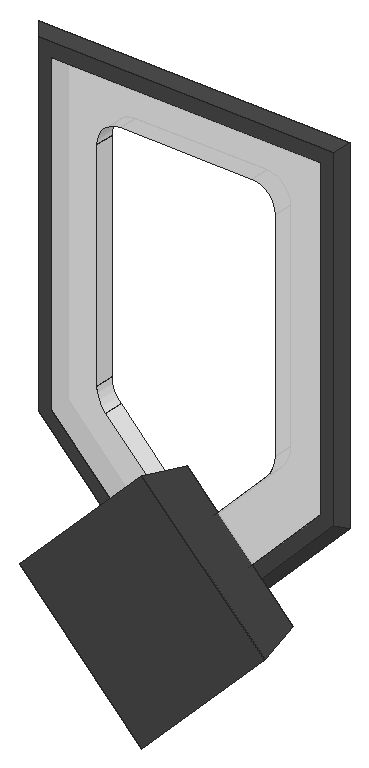
Revit family "3-59-XX - AEGIS", category Lighting Fixtures, host Wall, Revit 2019
Family settings
  Host = Wall
  Round Connector Dimension = Use Diameter
  Part Type = Normal
  OmniClass Number = 23.80.70.00
  OmniClass Title = Lighting
  Always vertical = Yes
  Cut with Voids When Loaded = No
  Light Source = Yes
  Shared = No
  Room Calculation Point = No
Parameters (values of type "3-59-15 / Black - Matte White Acrylic")
  Wattage Comments = "1 x 75 W at 120 V"  # constant formula
  Wattage = 27.11 W
  built-in parameter 1150110 = 1 (stored number, unit not read)
  Voltage Input = "120 V or 277 V - 50/60 Hz"  # constant formula
  Voltage = 120 V
  URL = "www.oxygenlighting.com"
  built-in parameter 1114217 = 1 (stored number, unit not read)
  built-in parameter 1150109 = 1 (stored number, unit not read)
  built-in parameter 1150134 = (empty or 0)
  built-in parameter 1150113 = 1 (stored number, unit not read)
  References = "Ref. 3 = 120 V / Ref. 37 = 277 V"  # constant formula
  Model = "3-59-xx / Aegis"  # constant formula
  Metal Finish = 15 - Black
  Manufacturer = "Oxygen Lighting and Fans"  # constant formula
  Lumens = 1976.32 lm
  built-in parameter 1150115 = 1 (stored number, unit not read)
  built-in parameter 1150105 = 629.08 (stored number, unit not read)
  Light Source Symbol Size = 24.00"
  built-in parameter 1150137 = (empty or 0)
  built-in parameter 1150139 = (empty or 0)
  built-in parameter 1150112 = 1 (stored number, unit not read)
  built-in parameter 1150114 = 1 (stored number, unit not read)
  Lamp = "LED Array"  # constant formula
  built-in parameter 1150132 = (empty or 0)
  built-in parameter 1150102 = (empty or 0)
  built-in parameter 1150138 = (empty or 0)
  built-in parameter 1150107 = 3000 (stored number, unit not read)
  built-in parameter 1150106 = 6.2908 (stored number, unit not read)
  built-in parameter 1150104 = 6.7726 (stored number, unit not read)
  Dimming Lamp Color Temperature Shift = <None>
  Diffusers = Matte White Acrylic
  Color Filter = 16777215
  built-in parameter 1114218 = 1 (stored number, unit not read)
  built-in parameter 1150133 = 10 (stored number, unit not read)
Types (2): name | Metal Finish
  3-59-15 / Black - Matte White Acrylic | 15 - Black
  3-59-40 / Aged Brass - Matte White Acrylic | 40 - Aged Brass
Reference planes (in)
  plane 1: y = 0
  plane 2 "Light Source Axis (L/R)": x = 4.92126
  plane 3 "Light Source Axis (F/R)": y = 4.79776
  plane 4 "Light Source Elevation": z = 39
  plane 5: y = 2.95276
  plane 6: z = 44.24289
Text (in)
  text "Placement side" at (-70.3598, 43.96769, 0), in view "Ref. Level"
  text "Placement side" at (0, 83.08644, 117.56134), in view "Left"
  text "Placement side" at (0, 24.74324, 118.58137), in view "Right"
Dimensions and locks (in)
  locked: plane 3 "Light Source Axis (F/R)" to plane 5 at 1.845
  locked: plane 6 to plane 4 "Light Source Elevation" at 5.24289
  aligned and locked: plane 1 to host wall
  aligned and locked: plane 2 "Light Source Axis (L/R)" to imposter light
  aligned and locked: plane 5 to host wall
  aligned and locked: plane 5 to nested 1
  aligned and locked: plane 4 "Light Source Elevation" to nested 1
  aligned and locked: plane 6 to imposter light
  aligned and locked: plane 3 "Light Source Axis (F/R)" to imposter light
Nested families (in)
  nested 1: "Family2" at (4.92126, 2.95276, 39) x (-1, 0, 0) z (0, 0, 1), type "Family2"
Definition of nested family "Family2"
  Parameters (values of type "Family2")
    Metal Finish 2 = none
    Metal Finish 1 = none
    Height = 10.00"
    Diffuser = none
  Reference planes (in)
    plane 1 "Center (Front/Back)": y = 0
    plane 2: z = 0
    plane 3 "Center (Left/Right)": x = 0
  Forms (in)
    Blend 1, solid, material <- "Metal Finish 1"
      base sketch origin (0, 0, 0) x (1, 0, 0) y (0, 0, 1)
        loop
          line (0, 3.47986) -> (-3.47986, 0) -> (0, -3.47986) -> (3.47986, 0) -> (0, 3.47986)
      top sketch origin (0, 0, 0) x (1, 0, 0) y (0, 0, 1)
        loop
          line (0, -3.03443) -> (3.03443, 0) -> (0, 3.03443) -> (-3.03443, 0) -> (0, -3.03443)
      from 0 to 1.57
    Extrusion 2, solid, material <- "Metal Finish 1"
      sketch origin (0, 0, 0) x (1, 0, 0) y (0, 0, 1)
        loop
          line (4.42913, 2.87212) -> (4.42913, 12.71464) -> (-4.42913, 12.71464) -> (-4.42913, 2.87212) -> (0, -1.6052) -> (4.42913, 2.87212)
        loop
          line (3.8189, 3.12289) -> (3.8189, 12.10441) -> (-3.8189, 12.10441) -> (-3.8189, 3.12289) -> (0, -0.73914) -> (3.8189, 3.12289)
      from 1.57 to 2.12
    Sweep 3, void
      path in 3D
        loop
          line (-4.42913, -2.12, 2.87212) -> (0, -2.12, -1.6052) -> (4.42913, -2.12, 2.87212) -> (4.42913, -2.12, 12.71464) -> (-4.42913, -2.12, 12.71464) -> (-4.42913, -2.12, 2.87212)
      profile origin (-4.42913, -2.12, 7.79338) x (-1, 0, 0) y (0, -1, 0)
        loop
          line (0, -0.275) -> (-0.23075, -0.55) -> (0.09988, -0.55) -> (0.09988, 0) -> (-0.23075, 0) -> (0, -0.275)
    Extrusion 4, solid, material <- "Diffuser"
      sketch origin (0, 0, 0) x (1, 0, 0) y (0, 0, 1)
        loop
          arc (-1.87008, 10.98608) -> (-2.34334, 10.79005) -> (-2.53937, 10.31679) r 0.66929
          line (-2.53937, 10.31679) -> (-2.53937, 4.1658)
          arc (-2.53937, 4.1658) -> (-2.47437, 3.83659) -> (-2.28911, 3.5568) r 0.86614
          line (-2.28911, 3.5568) -> (0, 1.24183) -> (2.28911, 3.5568)
          arc (2.28911, 3.5568) -> (2.47437, 3.83659) -> (2.53937, 4.1658) r 0.86614
          line (2.53937, 4.1658) -> (2.53937, 10.31679)
          arc (2.53937, 10.31679) -> (2.34334, 10.79005) -> (1.87008, 10.98608) r 0.66929
          line (1.87008, 10.98608) -> (-1.87008, 10.98608)
        loop
          line (3.8189, 12.10441) -> (-3.8189, 12.10441) -> (-3.8189, 3.12289) -> (0, -0.73914) -> (3.8189, 3.12289) -> (3.8189, 12.10441)
      from 1.57 to 2.12
  Cuts and joins
    Sweep 3 cuts Blend 1
    Sweep 3 cuts Extrusion 2
  Lines and regions (in)
    sketch lines
      curve 1: line (-4.42913, -2.12, 12.71464) -> (-4.42913, -2.12, 2.87212)
      curve 2: line (4.42913, -2.12, 12.71464) -> (-4.42913, -2.12, 12.71464)
      curve 3: line (4.42913, -2.12, 2.87212) -> (4.42913, -2.12, 12.71464)
      curve 4: line (0, -2.12, -1.6052) -> (4.42913, -2.12, 2.87212)
      curve 5: line (-4.42913, -2.12, 2.87212) -> (0, -2.12, -1.6052)
  Dimensions and locks (in)
    aligned and locked: level to plane 2
